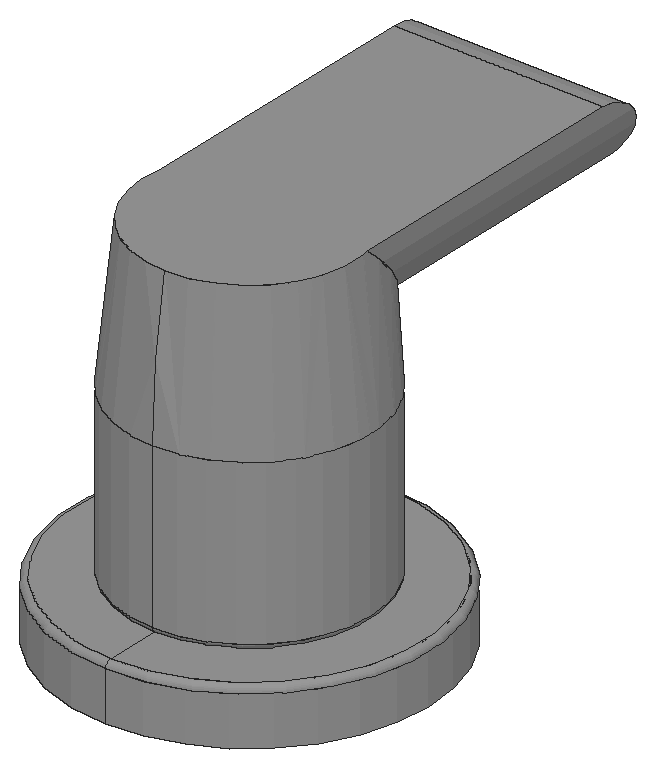
Revit family "Accessory-Robe_Hook-KOHLER-AVID-K-97499T_1", category Specialty Equipment, host Face, Revit 2017
Family settings
  Host = Face
  Round Connector Dimension = Use Diameter
  Part Type = Normal
  OmniClass Number = 23.31.25.27
  OmniClass Title = Robe Hooks
  Cut with Voids When Loaded = No
  Shared = No
  Room Calculation Point = No
Parameters (values of type "Not a Type-See Type Catalog")
  Width = 1 99/128"  # constant formula
  WaterSense Certified = 1 = 0  # no
  URL = "http://www.kohler.com.cn/en/"
  Type = 0
  Product Page URL = "http://www.kohler.com.cn/product/K-97499T/K-97499T-CP/"
  Product Name = "AVID"  # constant formula
  Product Documentation Link = "http://files.kohler.com.cn/pdfs/1512705076553_K-97499T_install.pdf"
  Model = if(Type = 1, "K-97499T-CP", if(Type = 2, "K-97499T-AF", if(Type = 3, "K-97499T-BN", if(Type = 4, "K-97499T-BV", if(Type = 5, "K-97499T-SN", if(Type = 6, "K-97499T-PGD", if(Type = 7, "K-97499T-RGD", if(Type = 8, "K-97499T-TT", if(Type = 9, "K-97499T-2BL", if(Type = 10, "K-97499T-2BZ", "NA"))))))))))  # "NA"
  Material = "Premium Metal Construction"  # constant formula
  Master Format 2014 Name = "Toilet, Bath, and Laundry Accessories"  # constant formula
  Master Format 2014 = "10 28 00"  # constant formula
  Manufacturer Address = "158 Jiangchang 3rd Road Zhabei District Shanghai, 200436 China"  # constant formula
  Manufacturer = "KOHLER Co."  # constant formula
  Length = 1 109/128"  # constant formula
  Height = 2 173/256"  # constant formula
  Finish = Default
  Environmental Product Declaration = ""
  Description = "Single coat hook"  # constant formula
  Default Elevation = 42"
  Declare Label = ""
  Date Modified = "06/02/2020"  # constant formula
  Date Created = "06/02/2020"  # constant formula
  Copyright = "Copyright KOHLER Co."  # constant formula
  Contact Us = "http://www.kohler.com.cn/en/contact/contact-us/"
  Assembly Code = "C1030200"
  ADA Compliant = 1 = 0  # no
Reference planes (in)
  plane 1 "Center (Front/Back)": y = 0
  plane 2: z = -0.00117
  plane 3 "Center (Left/Right)": x = 0
  plane 4: x = -0.88583
  plane 5: x = -0.51181
  plane 6: x = 0.51181
  plane 7: y = 1.79134
  plane 8: y = -0.88444
  plane 9: y = 0.88721
  plane 10: z = 1.85039
  plane 11: z = 1.33477
  plane 12: z = 0.27442
  plane 13: x = 0.88761
Dimensions and locks (in)
  locked: plane 8 to plane 9 at 1.77165
  "Height": plane 8 to plane 7
  locked: plane 5 to plane 6 at 1.02362
  "Length": plane 10 to plane 2
  locked: plane 12 to plane 2 at 0.27559
  "Width": plane 4 to plane 13
  aligned and locked: plane 2 to host face
  aligned and locked: level to host face
Automatic sketch dimensions
  host sketch curve to host sketch curve = 96"  (x2)
Nested families (in)
  nested 1: "K-97499T" at (0, 0, -0.00117), type "K-97499T"
Definition of nested family "K-97499T"
  Parameters (values of type "K-97499T")
    Material = none
  Reference planes (in)
    plane 1 "Center (Front/Back)": y = 0
    plane 2: z = 0
    plane 3 "Center (Left/Right)": x = 0
    plane 4: x = -0.88583
    plane 5: x = 0.88583
    plane 6: y = 0.88583
    plane 7: y = -0.88583
    plane 8: y = 1.79134
    plane 9: z = 1.85039
    plane 10: z = 0.27559
    plane 11: x = -0.51181
    plane 12: x = 0.51181
    plane 13: z = 1.33477
  Forms (in)
    Revolve 1, solid, material <- "Material", detail levels medium+fine
      sketch origin (0, 0, 0) x (0, 1, 0) y (0, 0, 1)
        loop
          line (0, 0) -> (0, 1.85039) -> (-0.52315, 1.85039)
          arc (-0.52315, 1.85039) -> (-0.58024, 1.48051) -> (-0.59934, 1.10674) r 3.66726
          line (-0.59934, 1.10674) -> (-0.59934, 0.29859)
          arc (-0.59934, 0.29859) -> (-0.5941, 0.28379) -> (-0.58071, 0.27559) r 0.02352
          line (-0.58071, 0.27559) -> (-0.85807, 0.27559)
          arc (-0.85807, 0.27559) -> (-0.88109, 0.26606) -> (-0.89063, 0.24304) r 0.03255
          line (-0.89063, 0.24304) -> (-0.89063, 0) -> (0, 0)
        axis (0, 1.85039) -> (0, 0)
      angle from 0 to 360
    Extrusion 2, solid, material <- "Material", detail levels medium+fine
      sketch origin (0, 0, 0) x (1, 0, 0) y (0, 1, 0)
        loop
          arc (-0.46484, 1.79687) -> (-0.50075, 1.782) -> (-0.51562, 1.74609) r 0.05078
          line (-0.51562, 1.74609) -> (-0.51562, 0.01682)
          arc (-0.51562, 0.01682) -> (0, -0.4988) -> (0.51563, 0.01682) r 0.51562
          line (0.51563, 0.01682) -> (0.51563, 1.74516)
          arc (0.51563, 1.74516) -> (0.50048, 1.78173) -> (0.46391, 1.79687) r 0.05171
          line (0.46391, 1.79687) -> (-0.46484, 1.79687)
      from 1.30774 to 1.8724
    Extrusion 3, void
      sketch origin (0, 0.03125, 0) x (0, 1, 0) y (0, 0, 1)
        loop
          line (-0.73438, 1.85039) -> (1.51562, 1.85039)
          arc (1.51562, 1.85039) -> (1.6924, 1.77717) -> (1.76562, 1.60039) r 0.25
          line (1.76562, 1.60039) -> (1.76562, 1.30656) -> (2.01451, 1.30656) -> (2.01451, 2.32733) -> (-0.73438, 2.32733) -> (-0.73438, 1.85039)
      from -1.07797 to 1.9314
    Extrusion 4, void
      sketch origin (0, 0, 0) x (1, 0, 0) y (0, 0, 1)
        loop
          line (-0.51562, 1.85039) -> (-0.64076, 1.85039) -> (-0.64076, 1.25587) -> (0.63742, 1.25587) -> (0.63742, 1.85039) -> (0.51563, 1.85039)
          arc (0.51563, 1.85039) -> (0, 1.33477) -> (-0.51562, 1.85039) r 0.51563
      from -2.02139 to 1.45101
    Extrusion 5, solid, material <- "Material", detail levels coarse
      sketch origin (0, 0, 0) x (1, 0, 0) y (0, 1, 0)
        loop
          circle (0, 0) r 0.89062
      from 0 to 0.27559
    Extrusion 6, solid, material <- "Material", detail levels coarse
      sketch origin (0, 0, 0) x (1, 0, 0) y (0, 0, 1)
        loop
          line (-0.51562, 1.84373) -> (-0.51562, 1.32802) -> (0.51563, 1.32802) -> (0.51563, 1.84373) -> (-0.51562, 1.84373)
      from -1.79687 to 0.0333
    Extrusion 7, solid, material <- "Material", detail levels coarse
      sketch origin (0, 0, 0) x (1, 0, 0) y (0, 1, 0)
        loop
          circle (0, 0) r 0.52522
      from 0.27559 to 1.84375
  Cuts and joins
    Extrusion 3, Extrusion 4 cuts Extrusion 2
    joined: Revolve 1, Extrusion 2
    joined: Extrusion 5, Extrusion 6, Extrusion 7
  Lines and regions (in)
    Masking region 1
      outline origin (0, 0, 0) x (1, 0, 0) y (0, 1, 0)
        loop
          arc (-0.51181, 0.72888) -> (-0.78687, 0.40962) -> (-0.88583, 0) r 0.89722
          arc (-0.88583, 0) -> (-0.62637, -0.62637) -> (0, -0.88583) r 0.88583
          arc (0, -0.88583) -> (0.62637, -0.62637) -> (0.88583, 0) r 0.88583
          arc (0.88583, 0) -> (0.78687, 0.40962) -> (0.51181, 0.72888) r 0.89722
          line (0.51181, 0.72888) -> (0.51181, 1.59368)
          arc (0.51181, 1.59368) -> (0.51061, 1.65342) -> (0.50701, 1.71306) r 1.48824
          arc (0.50701, 1.71306) -> (0.50277, 1.73803) -> (0.49421, 1.76187) r 0.14378
          arc (0.49421, 1.76187) -> (0.47547, 1.78334) -> (0.44811, 1.79134) r 0.05078
          line (0.44811, 1.79134) -> (-0.44899, 1.79134)
          arc (-0.44899, 1.79134) -> (-0.47541, 1.78368) -> (-0.49363, 1.76309) r 0.0494
          arc (-0.49363, 1.76309) -> (-0.50259, 1.73869) -> (-0.50701, 1.71306) r 0.14378
          arc (-0.50701, 1.71306) -> (-0.51061, 1.65342) -> (-0.51181, 1.59368) r 1.48824
          line (-0.51181, 1.59368) -> (-0.51181, 0.72888)
    Masking region 2
      outline origin (0, 0, 0) x (0, 1, 0) y (0, 0, 1)
        loop
          line (-0.88583, 0) -> (0.88583, 0) -> (0.88583, 0.24402)
          arc (0.88583, 0.24402) -> (0.87658, 0.26634) -> (0.85426, 0.27559) r 0.03157
          line (0.85426, 0.27559) -> (0.5847, 0.27559)
          arc (0.5847, 0.27559) -> (0.59542, 0.28637) -> (0.59934, 0.30106) r 0.02948
          line (0.59934, 0.30106) -> (0.59934, 0.80132)
          arc (0.59934, 0.80132) -> (0.75559, 1.17852) -> (1.13279, 1.33477) r 0.53345
          line (1.13279, 1.33477) -> (1.79134, 1.33477) -> (1.79134, 1.60039)
          arc (1.79134, 1.60039) -> (1.71812, 1.77717) -> (1.54134, 1.85039) r 0.25
          line (1.54134, 1.85039) -> (-0.50066, 1.85039)
          arc (-0.50066, 1.85039) -> (-0.51826, 1.8442) -> (-0.52811, 1.82835) r 0.02812
          arc (-0.52811, 1.82835) -> (-0.58148, 1.50418) -> (-0.59934, 1.17614) r 3.02152
          line (-0.59934, 1.17614) -> (-0.59934, 0.3854) -> (-0.59934, 0.30106)
          arc (-0.59934, 0.30106) -> (-0.59542, 0.28637) -> (-0.5847, 0.27559) r 0.02948
          line (-0.5847, 0.27559) -> (-0.85426, 0.27559)
          arc (-0.85426, 0.27559) -> (-0.87658, 0.26634) -> (-0.88583, 0.24402) r 0.03157
          line (-0.88583, 0.24402) -> (-0.88583, 0)
    Masking region 3
      outline origin (0, 0, 0) x (1, 0, 0) y (0, 0, 1)
        loop
          line (0.88583, 0) -> (0.88583, 0.24402)
          arc (0.88583, 0.24402) -> (0.87658, 0.26634) -> (0.85426, 0.27559) r 0.03157
          line (0.85426, 0.27559) -> (0.5847, 0.27559)
          arc (0.5847, 0.27559) -> (0.59542, 0.28637) -> (0.59934, 0.30106) r 0.02948
          line (0.59934, 0.30106) -> (0.59934, 0.38739) -> (0.59934, 1.17614)
          arc (0.59934, 1.17614) -> (0.57923, 1.50532) -> (0.51919, 1.82959) r 2.70382
          arc (0.51919, 1.82959) -> (0.50947, 1.84458) -> (0.49257, 1.85039) r 0.02743
          line (0.49257, 1.85039) -> (-0.49247, 1.85039)
          arc (-0.49247, 1.85039) -> (-0.50944, 1.84455) -> (-0.51922, 1.82949) r 0.02756
          arc (-0.51922, 1.82949) -> (-0.57924, 1.50526) -> (-0.59934, 1.17614) r 2.70382
          line (-0.59934, 1.17614) -> (-0.59934, 0.30106)
          arc (-0.59934, 0.30106) -> (-0.59542, 0.28637) -> (-0.5847, 0.27559) r 0.02948
          line (-0.5847, 0.27559) -> (-0.85426, 0.27559)
          arc (-0.85426, 0.27559) -> (-0.87658, 0.26634) -> (-0.88583, 0.24402) r 0.03157
          line (-0.88583, 0.24402) -> (-0.88583, 0) -> (0.88583, 0)
    symbolic lines, detail levels medium+fine
      curve 1: arc (-0.60158, 0, 0) -> (0, -0.60158, 0) -> (0.60158, 0, 0) r 0.60158
      curve 2: arc (-0.51181, 0.52919, 0) -> (-0.57898, 0.26837, 0) -> (-0.60158, 0, 0) r 1.60468
      curve 3: arc (0.51181, 0.52919, 0) -> (0.57898, 0.26837, 0) -> (0.60158, 0, 0) r 1.60468
      curve 4: line (0, 0.5847, 0.27559) -> (0, -0.5847, 0.27559)
      curve 5: line (0, 0.88583, 0.24402) -> (0, -0.88583, 0.24402)
      curve 6: line (-0.58071, 0, 0.27559) -> (0.5847, 0, 0.27559)
      curve 7: line (-0.88583, 0, 0.24402) -> (0.88583, 0, 0.24402)
      curve 8: arc (-0.51181, 0.71643, 0) -> (0, -0.88047, 0) -> (0.51181, 0.71643, 0) r 0.88047
      curve 9: arc (-0.51548, 0, 1.83801) -> (-0.48849, 0, 1.67902) -> (-0.41371, 0, 1.53616) r 0.51558
      curve 10: line (-0.51181, 0.71643, 0) -> (-0.51181, 0, 0)
      curve 11: line (0.51181, 0.71643, 0) -> (0.51181, 0, 0)
      curve 12: arc (-0.51181, 0, 0) -> (0, -0.51181, 0) -> (0.51181, 0, 0) r 0.51181
      curve 13: arc (0.37586, 0, 1.49076) -> (0.47873, 0, 1.65218) -> (0.51563, 0, 1.84) r 0.51558
      curve 14: arc (-0.41371, 0, 1.53616) -> (-0.23142, 0, 1.385) -> (0, 0, 1.33477) r 0.49962
      curve 15: arc (0, 0, 1.33477) -> (0.20469, 0, 1.37239) -> (0.37586, 0, 1.49076) r 0.49535
  Dimensions and locks (in)
    locked: plane 4 to plane 5 at 1.77165
    locked: plane 6 to plane 7 at 1.77165
    locked: plane 7 to plane 8 at 2.67717
    locked: plane 9 to plane 2 at 1.85039
    locked: plane 10 to plane 2 at 0.27559
    locked: plane 11 to plane 12 at 1.02362
    aligned and locked: plane 2 to level
